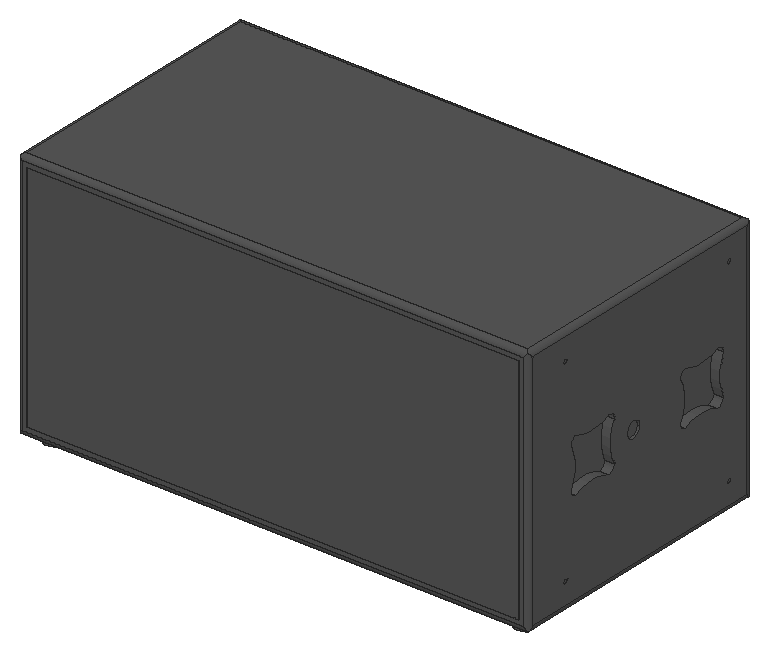
Revit family "Electronics_Community-Subwoofers_Biamp_V2_215S", category Communication Devices, host Face, Revit 2020
Family settings
  Host = Face
  Maintain Annotation Orientation = No
  Round Connector Dimension = Use Diameter
  Part Type = Normal
  OmniClass Number = 23.85.10.11.14.14.14
  Cut with Voids When Loaded = No
  Shared = No
  Room Calculation Point = No
Parameters (values of type "V2-215S B")
  Width = 3' - 1 51/128"  # constant formula
  Weight = 94.00 lbf  # constant formula
  URL = "https://www.biamp.com/"
  Sensitivity (1W/1m) = "97 dB  (50 Hz to  200 Hz) half space"  # constant formula
  Recommended Signal Processing = "35 Hz, 24 dB/octave high pass filter"  # constant formula
  Product data url = "https://www.bimobject.com/biamp/product/v2-215s_community-subwoofer"
  Product Page URL = "https://www.biamp.com/products/product-families/community/community-subwoofers#v2-215s"
  Product Documentation Link = "https://downloads.biamp.com/assets/docs/default-source/data-sheets/biamp_data_sheet_community_v2-215s.pdf"
  Optional Accessories = "M10EYBLTKIT 10mm eyebolt kit; STKIT seat track kit"  # constant formula
  Operating Range = "37 Hz to 2000 Hz (-10 dB)"  # constant formula
  Nominal –6dB Beamwidth = "360° H x 180° V"  # constant formula
  Nominal Impedance = "4 ohms"  # constant formula
  Mounting/Rigging Provisions = "8 x M10 threaded rigging fittings"  # constant formula
  Model = "V2-215S B"
  Minimum Impedance = "3.3 ohms @ 130 Hz"  # constant formula
  Maximum Output = "123 dB SPL / 129 dB SPL (peak)"  # constant formula
  Manufacturer = "Biamp"  # constant formula
  Loudspeaker Type = "Dual driver subwoofer, rectangular, vented bass"  # constant formula
  Input Connection = "NL4-compatible locking connector with terminal strip in parallel"  # constant formula
  Housing Material = Biamp - Plastic - Black
  Height = 1' - 6 51/128"  # constant formula
  Grill Material = Biamp - Plastic - Black(Grid)
  Frequency Response = "50 Hz to 1000 Hz (-3 dB)"  # constant formula
  Enclosure = "18mm, 11-ply cross-laminated birch"  # constant formula
  Drivers = "LF 2 x 15-inch"  # constant formula
  Driver Protection = "DYNA-TECH protection circuitry"  # constant formula
  Description = "V2-215S Dual 15-Inch Subwoofer System"  # constant formula
  Depth = 1' - 8 51/128"  # constant formula
  Default Elevation = 4' - 0"
  Connector Description = "NL4, Terminal strip; 400W continuous, 1000W program 40 volts RMS, 80 volts momentary peak"  # constant formula
Types (2): name | Model | Housing Material | Grill Material
  V2-215S B | "V2-215S B" | Biamp - Plastic - Black | Biamp - Plastic - Black(Grid)
  V2-215S W | "V2-215S W" | Biamp - Plastic - White | Biamp - Plastic - White(Grid)
Reference planes (in)
  plane 1 "Center (Front/Back)": y = 0
  plane 2: z = 0
  plane 3 "Center (Left/Right)": x = 0
  plane 4: y = 10.1875
  plane 5: x = -18.709
  plane 6: x = 18.709
  plane 7: y = -10.1875
  plane 8: z = 18.968
  plane 9: z = 0.551
  plane 10: x = 18.584
  plane 11: x = 18.459
  plane 12: x = 17.959
  plane 13: x = -18.584
  plane 14: x = -18.459
  plane 15: x = -17.959
Forms (in)
  Extrusion 1, solid, material "Biamp - Plastic - Black" <- "Housing Material", detail levels medium+fine
    sketch origin (0, 0, 0) x (1, 0, 0) y (0, 1, 0)
      loop
        arc (-18.334, 10.1875) -> (-18.59917, 10.07767) -> (-18.709, 9.8125) r 0.375
        line (-18.709, 9.8125) -> (-18.709, -9.8125)
        arc (-18.709, -9.8125) -> (-18.59917, -10.07767) -> (-18.334, -10.1875) r 0.375
        line (-18.334, -10.1875) -> (18.334, -10.1875)
        arc (18.334, -10.1875) -> (18.59917, -10.07767) -> (18.709, -9.8125) r 0.375
        line (18.709, -9.8125) -> (18.709, 9.8125)
        arc (18.709, 9.8125) -> (18.59917, 10.07767) -> (18.334, 10.1875) r 0.375
        line (18.334, 10.1875) -> (-18.334, 10.1875)
    from 0.551 to 18.968
  Extrusion 2, solid, material "Biamp - Plastic - Black" <- "Housing Material", detail levels medium+fine
    sketch origin (0, 0, 0) x (1, 0, 0) y (0, 1, 0)
      loop
        circle (-17.209, 8.6875) r 0.689
      loop
        circle (-17.209, -8.6875) r 0.689
      loop
        circle (17.209, -8.6875) r 0.689
      loop
        circle (17.209, 8.6875) r 0.689
    from 0 to 0.551
  Extrusion 3, void
    sketch origin (0, 0, 0) x (1, 0, 0) y (0, 0, 1)
      loop
        line (-18.709, 18.968) -> (-18.709, 18.593)
        arc (-18.709, 18.593) -> (-18.59917, 18.85817) -> (-18.334, 18.968) r 0.375
        line (-18.334, 18.968) -> (-18.709, 18.968)
      loop
        line (18.709, 18.968) -> (18.334, 18.968)
        arc (18.334, 18.968) -> (18.59917, 18.85817) -> (18.709, 18.593) r 0.375
        line (18.709, 18.593) -> (18.709, 18.968)
      loop
        line (-18.709, 0.551) -> (-18.334, 0.551)
        arc (-18.334, 0.551) -> (-18.59917, 0.66083) -> (-18.709, 0.926) r 0.375
        line (-18.709, 0.926) -> (-18.709, 0.551)
      loop
        line (18.709, 0.551) -> (18.709, 0.926)
        arc (18.709, 0.926) -> (18.59917, 0.66083) -> (18.334, 0.551) r 0.375
        line (18.334, 0.551) -> (18.709, 0.551)
    from -10.1875 to 10.1875
  Extrusion 4, void
    sketch origin (0, 0, 0) x (0, 1, 0) y (0, 0, 1)
      loop
        line (-10.1875, 18.968) -> (-10.1875, 18.593)
        arc (-10.1875, 18.593) -> (-10.07767, 18.85817) -> (-9.8125, 18.968) r 0.375
        line (-9.8125, 18.968) -> (-10.1875, 18.968)
      loop
        line (10.1875, 18.968) -> (9.8125, 18.968)
        arc (9.8125, 18.968) -> (10.07767, 18.85817) -> (10.1875, 18.593) r 0.375
        line (10.1875, 18.593) -> (10.1875, 18.968)
      loop
        line (-10.1875, 0.551) -> (-9.8125, 0.551)
        arc (-9.8125, 0.551) -> (-10.07767, 0.66083) -> (-10.1875, 0.926) r 0.375
        line (-10.1875, 0.926) -> (-10.1875, 0.551)
      loop
        line (10.1875, 0.551) -> (10.1875, 0.926)
        arc (10.1875, 0.926) -> (10.07767, 0.66083) -> (9.8125, 0.551) r 0.375
        line (9.8125, 0.551) -> (10.1875, 0.551)
    from -18.709 to 18.709
  Extrusion 5, void
    sketch origin (0, 0, 0) x (1, 0, 0) y (0, 0, 1)
      loop
        line (-18.00034, 18.25934) -> (-18.00034, 1.25966) -> (18.00034, 1.25966) -> (18.00034, 18.25934) -> (-18.00034, 18.25934)
    from 9.8125 to 10.1875
  Extrusion 6, solid, material "Biamp - Plastic - Black(Grid)" <- "Grill Material", detail levels medium+fine
    sketch origin (0, 0, 0) x (1, 0, 0) y (0, 1, 0)
      loop
        line (-18.00034, -9.8125) -> (-18.00034, -10.1875) -> (18.00034, -10.1875) -> (18.00034, -9.8125) -> (-18.00034, -9.8125)
    from 1.25966 to 18.25934
  Extrusion 7, void
    sketch origin (0, 0, 0) x (0, 1, 0) y (0, 0, 1)
      loop
        circle (-6.8125, 16.968) r 0.19685
      loop
        circle (8.1875, 16.968) r 0.19685
      loop
        circle (-6.8125, 2.551) r 0.19685
      loop
        circle (8.1875, 2.551) r 0.19685
    from 18.584 to 18.709
  Extrusion 8, void
    sketch origin (0, 0, 0) x (0, 1, 0) y (0, 0, 1)
      loop
        circle (-0.5625, 9.76) r 0.60352
    from 18.459 to 18.709
  Extrusion 9, void
    sketch origin (0, 0, 0) x (0, 1, 0) y (0, 0, 1)
      loop
        arc (3.688, 11.2595) -> (4.026, 9.7595) -> (3.688, 8.2595) r 3.4974
        arc (3.688, 8.2595) -> (3.83445, 7.90595) -> (4.188, 7.7595) r 0.5
        arc (4.188, 7.7595) -> (5.688, 8.0975) -> (7.188, 7.7595) r 3.4974
        arc (7.188, 7.7595) -> (7.54155, 7.90595) -> (7.688, 8.2595) r 0.5
        arc (7.688, 8.2595) -> (7.35, 9.7595) -> (7.688, 11.2595) r 3.4974
        arc (7.688, 11.2595) -> (7.54155, 11.61305) -> (7.188, 11.7595) r 0.5
        arc (7.188, 11.7595) -> (5.688, 11.4215) -> (4.188, 11.7595) r 3.4974
        arc (4.188, 11.7595) -> (3.83445, 11.61305) -> (3.688, 11.2595) r 0.5
      loop
        arc (-6.313, 11.2595) -> (-5.975, 9.7595) -> (-6.313, 8.2595) r 3.4974
        arc (-6.313, 8.2595) -> (-6.16655, 7.90595) -> (-5.813, 7.7595) r 0.5
        arc (-5.813, 7.7595) -> (-4.313, 8.0975) -> (-2.813, 7.7595) r 3.4974
        arc (-2.813, 7.7595) -> (-2.45945, 7.90595) -> (-2.313, 8.2595) r 0.5
        arc (-2.313, 8.2595) -> (-2.651, 9.7595) -> (-2.313, 11.2595) r 3.4974
        arc (-2.313, 11.2595) -> (-2.45945, 11.61305) -> (-2.813, 11.7595) r 0.5
        arc (-2.813, 11.7595) -> (-4.313, 11.4215) -> (-5.813, 11.7595) r 3.4974
        arc (-5.813, 11.7595) -> (-6.16655, 11.61305) -> (-6.313, 11.2595) r 0.5
    from 17.959 to 18.709
  Extrusion 10, void
    sketch origin (0, 0, 0) x (0, 1, 0) y (0, 0, -1)
      loop
        circle (-6.8125, -16.968) r 0.19685
      loop
        circle (8.1875, -16.968) r 0.19685
      loop
        circle (-6.8125, -2.551) r 0.19685
      loop
        circle (8.1875, -2.551) r 0.19685
    from 18.584 to 18.709
  Extrusion 11, void
    sketch origin (0, 0, 0) x (0, 1, 0) y (0, 0, -1)
      loop
        circle (-0.5625, -9.76) r 0.60352
    from 18.459 to 18.709
  Extrusion 12, void
    sketch origin (0, 0, 0) x (0, 1, 0) y (0, 0, -1)
      loop
        arc (3.688, -11.2595) -> (3.83445, -11.61305) -> (4.188, -11.7595) r 0.5
        arc (4.188, -11.7595) -> (5.688, -11.4215) -> (7.188, -11.7595) r 3.4974
        arc (7.188, -11.7595) -> (7.54155, -11.61305) -> (7.688, -11.2595) r 0.5
        arc (7.688, -11.2595) -> (7.35, -9.7595) -> (7.688, -8.2595) r 3.4974
        arc (7.688, -8.2595) -> (7.54155, -7.90595) -> (7.188, -7.7595) r 0.5
        arc (7.188, -7.7595) -> (5.688, -8.0975) -> (4.188, -7.7595) r 3.4974
        arc (4.188, -7.7595) -> (3.83445, -7.90595) -> (3.688, -8.2595) r 0.5
        arc (3.688, -8.2595) -> (4.026, -9.7595) -> (3.688, -11.2595) r 3.4974
      loop
        arc (-6.313, -11.2595) -> (-6.16655, -11.61305) -> (-5.813, -11.7595) r 0.5
        arc (-5.813, -11.7595) -> (-4.313, -11.4215) -> (-2.813, -11.7595) r 3.4974
        arc (-2.813, -11.7595) -> (-2.45945, -11.61305) -> (-2.313, -11.2595) r 0.5
        arc (-2.313, -11.2595) -> (-2.651, -9.7595) -> (-2.313, -8.2595) r 3.4974
        arc (-2.313, -8.2595) -> (-2.45945, -7.90595) -> (-2.813, -7.7595) r 0.5
        arc (-2.813, -7.7595) -> (-4.313, -8.0975) -> (-5.813, -7.7595) r 3.4974
        arc (-5.813, -7.7595) -> (-6.16655, -7.90595) -> (-6.313, -8.2595) r 0.5
        arc (-6.313, -8.2595) -> (-5.975, -9.7595) -> (-6.313, -11.2595) r 3.4974
    from 17.959 to 18.709
  Extrusion 13, solid, material "Biamp - Plastic - Black" <- "Housing Material", detail levels coarse
    sketch origin (0, 0, 0) x (1, 0, 0) y (0, 1, 0)
      loop
        arc (-18.334, 10.1875) -> (-18.59917, 10.07767) -> (-18.709, 9.8125) r 0.375
        line (-18.709, 9.8125) -> (-18.709, -9.8125)
        arc (-18.709, -9.8125) -> (-18.59917, -10.07767) -> (-18.334, -10.1875) r 0.375
        line (-18.334, -10.1875) -> (18.334, -10.1875)
        arc (18.334, -10.1875) -> (18.59917, -10.07767) -> (18.709, -9.8125) r 0.375
        line (18.709, -9.8125) -> (18.709, 9.8125)
        arc (18.709, 9.8125) -> (18.59917, 10.07767) -> (18.334, 10.1875) r 0.375
        line (18.334, 10.1875) -> (-18.334, 10.1875)
    from 0 to 18.968
  Extrusion 14, void
    sketch origin (-1.55453, -1.04107, -2.74543) x (-1, 0, 0) y (0, 0, 1)
      loop
        line (-6.80292, 15.80428) -> (-6.80292, 10.20428) -> (-2.30292, 10.20428) -> (-2.30292, 15.80428) -> (-6.80292, 15.80428)
    from 11.08886 to 11.22857
  Extrusion 15, solid, material "Biamp - Plastic - Black" <- "Housing Material", detail levels medium+fine
    sketch origin (-1.5126, -1.04107, -3.45409) x (1, 0, 0) y (0, 0, 1)
      loop
        line (3.94281, 15.36609) -> (3.94281, 14.05412) -> (6.1116, 14.05412) -> (6.1116, 15.36609) -> (3.94281, 15.36609)
    from -11.08886 to -10.94488
  Extrusion 16, solid, material "Biamp - Plastic - Black" <- "Housing Material", detail levels medium+fine
    sketch origin (-1.53717, -1.04107, -2.48147) x (1, 0, 0) y (0, 0, 1)
      loop
        line (3.30384, 14.74345) -> (3.30384, 13.0815) -> (3.96738, 13.0815) -> (3.96738, 14.74345) -> (3.30384, 14.74345)
    from -11.08886 to -10.94488
  Extrusion 17, solid, material "Biamp - Plastic - Black" <- "Housing Material", detail levels medium+fine
    sketch origin (-0.52809, 3.50606, 2.54985) x (1, 0, 0) y (0, 0, 1)
      loop
        arc (3.74803, 8.33355) -> (4.39876, 8.42519) -> (4.32181, 9.07782) r 0.47
        arc (4.32181, 9.07782) -> (3.6543, 8.99912) -> (3.74803, 8.33355) r 0.47
    from -6.54173 to -6.61159
  Extrusion 18, solid, material "Biamp - Plastic - Black" <- "Housing Material", detail levels medium+fine
    sketch origin (-0.52809, 3.53928, 2.54985) x (1, 0, 0) y (0, 0, 1)
      loop
        line (3.96504, 8.37395) -> (3.95385, 8.31246)
        arc (3.95385, 8.31246) -> (4.02653, 8.3059) -> (4.09921, 8.31246) r 0.40625
        line (4.09921, 8.31246) -> (4.08803, 8.37395)
        arc (4.08803, 8.37395) -> (4.369, 8.68253) -> (4.14519, 9.03478) r 0.34375
        line (4.14519, 9.03478) -> (4.16677, 9.09343)
        arc (4.16677, 9.09343) -> (4.02653, 9.1184) -> (3.8863, 9.09343) r 0.40625
        line (3.8863, 9.09343) -> (3.90787, 9.03478)
        arc (3.90787, 9.03478) -> (3.68406, 8.68253) -> (3.96504, 8.37395) r 0.34375
    from -6.64822 to -6.57837
  Extrusion 19, solid, material "Biamp - Plastic - Black" <- "Housing Material", detail levels medium+fine
    sketch origin (-0.52809, 3.53928, 2.54985) x (1, 0, 0) y (0, 0, 1)
      loop
        circle (2.62653, 9.4576) r 0.125
      loop
        circle (2.62653, 9.0706) r 0.0785
      loop
        circle (2.62653, 8.6956) r 0.0785
      loop
        circle (2.62653, 8.3086) r 0.125
    from -6.64822 to -6.50851
Cuts and joins
  Extrusion 3, Extrusion 4, Extrusion 5, Extrusion 7, Extrusion 8, Extrusion 9, Extrusion 10, Extrusion 11, Extrusion 12, Extrusion 14 cuts Extrusion 1
  joined: Extrusion 1, Extrusion 15, Extrusion 16
Lines and regions (in)
  Masking region 1
    outline origin (0, 0, 0) x (1, 0, 0) y (0, 1, 0)
      loop
        line (18.334, 10.1875) -> (-18.334, 10.1875)
        arc (-18.334, 10.1875) -> (-18.59917, 10.07767) -> (-18.709, 9.8125) r 0.375
        line (-18.709, 9.8125) -> (-18.709, -9.8125)
        arc (-18.709, -9.8125) -> (-18.59917, -10.07767) -> (-18.334, -10.1875) r 0.375
        line (-18.334, -10.1875) -> (18.334, -10.1875)
        arc (18.334, -10.1875) -> (18.59917, -10.07767) -> (18.709, -9.8125) r 0.375
        line (18.709, -9.8125) -> (18.709, 9.8125)
        arc (18.709, 9.8125) -> (18.59917, 10.07767) -> (18.334, 10.1875) r 0.375
  Masking region 2
    outline origin (0, 0, 0) x (1, 0, 0) y (0, 0, 1)
      loop
        line (-18.709, 18.593) -> (-18.709, 0.926)
        arc (-18.709, 0.926) -> (-18.59917, 0.66083) -> (-18.334, 0.551) r 0.375
        line (-18.334, 0.551) -> (-17.898, 0.551) -> (-17.898, 0) -> (-16.52, 0) -> (-16.52, 0.551) -> (16.52, 0.551) -> (16.52, 0) -> (17.898, 0) -> (17.898, 0.551) -> (18.334, 0.551)
        arc (18.334, 0.551) -> (18.59917, 0.66083) -> (18.709, 0.926) r 0.375
        line (18.709, 0.926) -> (18.709, 18.593)
        arc (18.709, 18.593) -> (18.59917, 18.85817) -> (18.334, 18.968) r 0.375
        line (18.334, 18.968) -> (-18.334, 18.968)
        arc (-18.334, 18.968) -> (-18.59917, 18.85817) -> (-18.709, 18.593) r 0.375
  Masking region 3
    outline origin (0, 0, 0) x (0, 1, 0) y (0, 0, 1)
      loop
        line (-10.1875, 18.593) -> (-10.1875, 0.926)
        arc (-10.1875, 0.926) -> (-10.07767, 0.66083) -> (-9.8125, 0.551) r 0.375
        line (-9.8125, 0.551) -> (-9.3765, 0.551) -> (-9.3765, 0) -> (-7.9985, 0) -> (-7.9985, 0.551) -> (7.9985, 0.551) -> (7.9985, 0) -> (9.3765, 0) -> (9.3765, 0.551) -> (9.8125, 0.551)
        arc (9.8125, 0.551) -> (10.07767, 0.66083) -> (10.1875, 0.926) r 0.375
        line (10.1875, 0.926) -> (10.1875, 18.593)
        arc (10.1875, 18.593) -> (10.07767, 18.85817) -> (9.8125, 18.968) r 0.375
        line (9.8125, 18.968) -> (-9.8125, 18.968)
        arc (-9.8125, 18.968) -> (-10.07767, 18.85817) -> (-10.1875, 18.593) r 0.375
  symbolic lines
    curve 1: line (18.334, 10.1875, 0) -> (-18.334, 10.1875, 0)
    curve 2: arc (-18.334, 10.1875, 0) -> (-18.59917, 10.07767, 0) -> (-18.709, 9.8125, 0) r 0.375
    curve 3: line (-18.709, 9.8125, 0) -> (-18.709, -9.8125, 0)
    curve 4: arc (-18.709, -9.8125, 0) -> (-18.59917, -10.07767, 0) -> (-18.334, -10.1875, 0) r 0.375
    curve 5: line (-18.334, -10.1875, 0) -> (18.334, -10.1875, 0)
    curve 6: arc (18.334, -10.1875, 0) -> (18.59917, -10.07767, 0) -> (18.709, -9.8125, 0) r 0.375
    curve 7: line (18.709, -9.8125, 0) -> (18.709, 9.8125, 0)
    curve 8: arc (18.709, 9.8125, 0) -> (18.59917, 10.07767, 0) -> (18.334, 10.1875, 0) r 0.375
    curve 9: line (18.00034, 0, 18.25934) -> (-18.00034, 0, 18.25934)
    curve 10: line (-18.00034, 0, 18.25934) -> (-18.00034, 0, 1.25966)
    curve 11: line (-18.00034, 0, 1.25966) -> (18.00034, 0, 1.25966)
    curve 12: line (18.00034, 0, 1.25966) -> (18.00034, 0, 18.25934)
    curve 13: line (18.334, 0, 18.968) -> (-18.334, 0, 18.968)
    curve 14: arc (-18.334, 0, 18.968) -> (-18.59917, 0, 18.85817) -> (-18.709, 0, 18.593) r 0.375
    curve 15: line (-18.709, 0, 18.593) -> (-18.709, 0, 0.926)
    curve 16: arc (-18.709, 0, 0.926) -> (-18.59917, 0, 0.66083) -> (-18.334, 0, 0.551) r 0.375
    curve 17: line (-18.334, 0, 0.551) -> (-17.898, 0, 0.551)
    curve 18: line (-17.898, 0, 0.551) -> (-17.898, 0, 0)
    curve 19: line (-17.898, 0, 0) -> (-16.52, 0, 0)
    curve 20: line (-16.52, 0, 0) -> (-16.52, 0, 0.551)
    curve 21: line (-16.52, 0, 0.551) -> (16.52, 0, 0.551)
    curve 22: line (16.52, 0, 0.551) -> (16.52, 0, 0)
    curve 23: line (16.52, 0, 0) -> (17.898, 0, 0)
    curve 24: line (17.898, 0, 0) -> (17.898, 0, 0.551)
    curve 25: line (17.898, 0, 0.551) -> (18.334, 0, 0.551)
    curve 26: arc (18.334, 0, 0.551) -> (18.59917, 0, 0.66083) -> (18.709, 0, 0.926) r 0.375
    curve 27: line (18.709, 0, 0.926) -> (18.709, 0, 18.593)
    curve 28: arc (18.709, 0, 18.593) -> (18.59917, 0, 18.85817) -> (18.334, 0, 18.968) r 0.375
    curve 29: line (-17.898, 0, 0.551) -> (-16.52, 0, 0.551)
    curve 30: line (16.52, 0, 0.551) -> (17.898, 0, 0.551)
    curve 31: line (0, 9.8125, 18.968) -> (0, -9.8125, 18.968)
    curve 32: arc (0, -9.8125, 18.968) -> (0, -10.07767, 18.85817) -> (0, -10.1875, 18.593) r 0.375
    curve 33: line (0, -10.1875, 18.593) -> (0, -10.1875, 0.926)
    curve 34: arc (0, -10.1875, 0.926) -> (0, -10.07767, 0.66083) -> (0, -9.8125, 0.551) r 0.375
    curve 35: line (0, -9.8125, 0.551) -> (0, -9.3765, 0.551)
    curve 36: line (0, -9.3765, 0.551) -> (0, -9.3765, 0)
    curve 37: line (0, -9.3765, 0) -> (0, -7.9985, 0)
    curve 38: line (0, -7.9985, 0) -> (0, -7.9985, 0.551)
    curve 39: line (0, -7.9985, 0.551) -> (0, 7.9985, 0.551)
    curve 40: line (0, 7.9985, 0.551) -> (0, 7.9985, 0)
    curve 41: line (0, 7.9985, 0) -> (0, 9.3765, 0)
    curve 42: line (0, 9.3765, 0) -> (0, 9.3765, 0.551)
    curve 43: line (0, 9.3765, 0.551) -> (0, 9.8125, 0.551)
    curve 44: arc (0, 9.8125, 0.551) -> (0, 10.07767, 0.66083) -> (0, 10.1875, 0.926) r 0.375
    curve 45: line (0, 10.1875, 0.926) -> (0, 10.1875, 18.593)
    curve 46: arc (0, 10.1875, 18.593) -> (0, 10.07767, 18.85817) -> (0, 9.8125, 18.968) r 0.375
    curve 47: arc (0, -2.813, 7.7595) -> (0, -4.313, 8.0975) -> (0, -5.813, 7.7595) r 3.4974
    curve 48: arc (0, -5.813, 7.7595) -> (0, -6.16655, 7.90595) -> (0, -6.313, 8.2595) r 0.5
    curve 49: arc (0, -6.313, 8.2595) -> (0, -5.975, 9.7595) -> (0, -6.313, 11.2595) r 3.4974
    curve 50: arc (0, -6.313, 11.2595) -> (0, -6.16655, 11.61305) -> (0, -5.813, 11.7595) r 0.5
    curve 51: arc (0, -5.813, 11.7595) -> (0, -4.313, 11.4215) -> (0, -2.813, 11.7595) r 3.4974
    curve 52: arc (0, -2.813, 11.7595) -> (0, -2.45945, 11.61305) -> (0, -2.313, 11.2595) r 0.5
    curve 53: arc (0, -2.313, 11.2595) -> (0, -2.651, 9.7595) -> (0, -2.313, 8.2595) r 3.4974
    curve 54: arc (0, -2.313, 8.2595) -> (0, -2.45945, 7.90595) -> (0, -2.813, 7.7595) r 0.5
    curve 55: arc (0, 0.04102, 9.76) -> (0, -0.5625, 9.15648) -> (0, -1.16602, 9.76) r 0.60352
    curve 56: arc (0, -1.16602, 9.76) -> (0, -0.5625, 10.36352) -> (0, 0.04102, 9.76) r 0.60352
    curve 57: arc (0, 3.688, 8.2595) -> (0, 4.026, 9.7595) -> (0, 3.688, 11.2595) r 3.4974
    curve 58: arc (0, 3.688, 11.2595) -> (0, 3.83445, 11.61305) -> (0, 4.188, 11.7595) r 0.5
    curve 59: arc (0, 4.188, 11.7595) -> (0, 5.688, 11.4215) -> (0, 7.188, 11.7595) r 3.4974
    curve 60: arc (0, 7.188, 11.7595) -> (0, 7.54155, 11.61305) -> (0, 7.688, 11.2595) r 0.5
    curve 61: arc (0, 7.688, 11.2595) -> (0, 7.35, 9.7595) -> (0, 7.688, 8.2595) r 3.4974
    curve 62: arc (0, 7.688, 8.2595) -> (0, 7.54155, 7.90595) -> (0, 7.188, 7.7595) r 0.5
    curve 63: arc (0, 7.188, 7.7595) -> (0, 5.688, 8.0975) -> (0, 4.188, 7.7595) r 3.4974
    curve 64: arc (0, 4.188, 7.7595) -> (0, 3.83445, 7.90595) -> (0, 3.688, 8.2595) r 0.5
    curve 65: arc (0, 8.38435, 2.551) -> (0, 8.1875, 2.35415) -> (0, 7.99065, 2.551) r 0.19685
    curve 66: arc (0, 7.99065, 2.551) -> (0, 8.1875, 2.74785) -> (0, 8.38435, 2.551) r 0.19685
    curve 67: arc (0, 8.38435, 16.968) -> (0, 8.1875, 16.77115) -> (0, 7.99065, 16.968) r 0.19685
    curve 68: arc (0, 7.99065, 16.968) -> (0, 8.1875, 17.16485) -> (0, 8.38435, 16.968) r 0.19685
    curve 69: arc (0, -6.61565, 16.968) -> (0, -6.8125, 16.77115) -> (0, -7.00935, 16.968) r 0.19685
    curve 70: arc (0, -7.00935, 16.968) -> (0, -6.8125, 17.16485) -> (0, -6.61565, 16.968) r 0.19685
    curve 71: arc (0, -6.61565, 2.551) -> (0, -6.8125, 2.35415) -> (0, -7.00935, 2.551) r 0.19685
    curve 72: arc (0, -7.00935, 2.551) -> (0, -6.8125, 2.74785) -> (0, -6.61565, 2.551) r 0.19685
    curve 73: line (0, -9.3765, 0.551) -> (0, -7.9985, 0.551)
    curve 74: line (0, 7.9985, 0.551) -> (0, 9.3765, 0.551)
Dimensions and locks (in)
  plane 5 to plane 6 = 3' - 1.418"
  equal spacing: plane 5, plane 3 "Center (Left/Right)", plane 6
  equal spacing: plane 7, plane 1 "Center (Front/Back)", plane 4
  plane 7 to plane 4 = 1' - 8 3/8"
  aligned and locked: plane 2 to host face
  aligned and locked: level to host face
  aligned and locked: Extrusion 2 to plane 2
  aligned and locked: plane 9 to Extrusion 2
  aligned and locked: Extrusion 1 to plane 8
  aligned and locked: Extrusion 1 to plane 9
  aligned and locked: Extrusion 5 to Extrusion 4
  aligned and locked: Extrusion 13 to plane 8
  aligned and locked: Extrusion 13 to plane 2
Automatic sketch dimensions
  curve 3 to plane 5 = 0' - 0"
  curve 5 to plane 7 = 0' - 0"
  plane 4 to curve 1 = 0' - 0"
  curve 6 to plane 6 = 0' - 0"
  plane 14 to curve 5 = 0' - 0 1/8"
  plane 14 to curve 1 = 0' - 0 1/8"
  plane 11 to curve 1 = 0' - 0 1/8"
  plane 11 to curve 5 = 0' - 0 1/8"
  curve 55 to curve 56 = 0' - 0"  (x2)
  curve 65 to curve 66 = 0' - 0"  (x2)
  curve 67 to curve 68 = 0' - 0"  (x2)
  curve 69 to curve 70 = 0' - 0"  (x2)
  curve 71 to curve 72 = 0' - 0"  (x2)
  curve 33 to plane 7 = 0' - 0"
  curve 35 to plane 9 = 0' - 0"
  plane 8 to curve 31 = 0' - 0"
  curve 36 to level = 0' - 0"
  curve 41 to level = 0' - 0"
  curve 45 to plane 4 = 0' - 0"
  plane 7 to curve 35 = 0' - 0 3/8"
  plane 7 to curve 31 = 0' - 0 3/8"
  plane 7 to curve 49 = 0' - 0.7151"
  curve 34 to curve 35 = 0' - 0.436"
  curve 36 to curve 38 = 0' - 1.378"
  curve 38 to curve 71 = 0' - 1.186"
  plane 7 to curve 69 = 0' - 3 3/8"
  curve 49 to curve 48 = 0' - 3.6594"
  curve 50 to curve 48 = 0' - 0"
  curve 71 to curve 47 = 0' - 2.4995"
  curve 69 to curve 51 = 0' - 2.4995"
  plane 1 "Center (Front/Back)" to curve 54 = 0' - 2.813"
  plane 1 "Center (Front/Back)" to curve 52 = 0' - 2.813"
  plane 1 "Center (Front/Back)" to curve 55 = 0' - 0 9/16"
  curve 57 to plane 1 "Center (Front/Back)" = 0' - 0.5286"
  curve 57 to curve 53 = 0' - 0.3178"
  curve 53 to curve 64 = 0' - 3.3416"
  curve 58 to curve 64 = 0' - 0"
  curve 59 to curve 59 = 0' - 1 1/2"
  curve 63 to curve 63 = 0' - 1 1/2"
  plane 4 to curve 60 = 0' - 2.9995"
  plane 4 to curve 62 = 0' - 2.9995"
  plane 4 to curve 41 = 0' - 2.189"
  plane 4 to curve 68 = 0' - 2"
  plane 4 to curve 66 = 0' - 2"
  plane 4 to curve 43 = 0' - 0.811"
  plane 4 to curve 31 = 0' - 0 3/8"
  curve 44 to curve 44 = 0' - 0 3/8"
  curve 61 to plane 4 = 0' - 0.6599"
  plane 9 to curve 72 = 0' - 2"
  plane 9 to curve 66 = 0' - 2"
  curve 71 to curve 47 = 0' - 2.0491"
  curve 66 to curve 63 = 0' - 2.0491"
  curve 47 to curve 48 = 0' - 3.6594"
  curve 63 to curve 64 = 0' - 3.6594"
  curve 48 to curve 54 = 0' - 0"
  curve 64 to curve 62 = 0' - 0"
  curve 64 to curve 53 = 0' - 1 1/2"
  curve 48 to curve 49 = 0' - 1 1/2"
  curve 57 to curve 53 = 0' - 0"
  curve 62 to curve 61 = 0' - 1 1/2"
  curve 57 to curve 55 = 0' - 0.0005"
  curve 62 to curve 60 = 0' - 3"
  curve 48 to curve 50 = 0' - 3"
  curve 60 to curve 59 = 0' - 3.6594"
  curve 52 to curve 51 = 0' - 3.6594"
  plane 8 to curve 67 = 0' - 2"
  plane 8 to curve 69 = 0' - 2"
  curve 72 to curve 71 = 0' - 0.19685"
  curve 69 to curve 69 = 0' - 0.19685"
  curve 49 to curve 48 = 0' - 0 1/2"
  curve 56 to curve 55 = 0' - 0.60352"
  curve 58 to curve 58 = 0' - 0 1/2"
  curve 68 to curve 67 = 0' - 0.19685"
  curve 66 to curve 65 = 0' - 0.19685"
  curve 15 to plane 5 = 0' - 0"
  curve 16 to plane 9 = 0' - 0"
  curve 14 to plane 8 = 0' - 0"
  curve 19 to level = 0' - 0"
  curve 22 to level = 0' - 0"
  plane 6 to curve 27 = 0' - 0"
  plane 14 to curve 17 = 0' - 0 1/8"
  plane 14 to curve 14 = 0' - 0 1/8"
  curve 10 to plane 15 = 0' - 0.04134"
  plane 15 to curve 17 = 0' - 0.061"
  curve 17 to curve 21 = 0' - 1.378"
  plane 12 to curve 22 = 0' - 1.439"
  plane 12 to curve 25 = 0' - 0.061"
  curve 12 to plane 12 = 0' - 0.04134"
  plane 11 to curve 26 = 0' - 0 1/8"
  plane 11 to curve 28 = 0' - 0 1/8"
  curve 16 to curve 10 = 0' - 0.33366"
  curve 12 to curve 28 = 0' - 0.33366"
  host sketch curve to host sketch curve = 8' - 0"  (x2)
  Extrusion 1 sketch curve to plane 5 = 0' - 0"
  plane 4 to Extrusion 1 sketch curve = 0' - 0"
  Extrusion 1 sketch curve to plane 7 = 0' - 0"
  Extrusion 1 sketch curve to plane 6 = 0' - 0"
  plane 14 to Extrusion 1 sketch curve = 0' - 0 1/8"  (x2)
  plane 11 to Extrusion 1 sketch curve = 0' - 0 1/8"  (x2)
  Extrusion 3 sketch curve to plane 5 = 0' - 0"  (x2)
  Extrusion 3 sketch curve to plane 8 = 0' - 0"  (x2)
  Extrusion 3 sketch curve to plane 9 = 0' - 0"  (x2)
  plane 6 to Extrusion 3 sketch curve = 0' - 0"  (x2)
  plane 14 to Extrusion 3 sketch curve = 0' - 0 1/8"  (x2)
  plane 11 to Extrusion 3 sketch curve = 0' - 0 1/8"  (x2)
  Extrusion 4 sketch curve to plane 7 = 0' - 0"  (x2)
  plane 8 to Extrusion 4 sketch curve = 0' - 0"  (x2)
  Extrusion 4 sketch curve to plane 9 = 0' - 0"  (x2)
  Extrusion 4 sketch curve to plane 4 = 0' - 0"  (x2)
  plane 7 to Extrusion 4 sketch curve = 0' - 0 3/8"  (x2)
  Extrusion 4 sketch curve to Extrusion 4 sketch curve = 0' - 0 3/8"  (x2)
  Extrusion 4 sketch curve to Extrusion 4 sketch curve = 0' - 0"  (x4)
  Extrusion 5 sketch curve to plane 15 = 0' - 0.04134"
  Extrusion 5 sketch curve to plane 12 = 0' - 0.04134"
  plane 9 to Extrusion 5 sketch curve = 0' - 0.70866"
  plane 8 to Extrusion 5 sketch curve = 0' - 0.70866"
  plane 7 to Extrusion 7 sketch curve = 0' - 3 3/8"  (x2)
  plane 4 to Extrusion 7 sketch curve = 0' - 2"  (x2)
  plane 9 to Extrusion 7 sketch curve = 0' - 2"  (x2)
  plane 8 to Extrusion 7 sketch curve = 0' - 2"  (x2)
  plane 1 "Center (Front/Back)" to Extrusion 8 sketch curve = 0' - 0 9/16"
  plane 8 to Extrusion 8 sketch curve = 0' - 9.208"
  plane 7 to Extrusion 9 sketch curve = 0' - 0.7151"
  Extrusion 9 sketch curve to Extrusion 9 sketch curve = 0' - 3.6594"  (x5)
  Extrusion 9 sketch curve to Extrusion 9 sketch curve = 0' - 0"  (x5)
  Extrusion 9 sketch curve to Extrusion 9 sketch curve = 0' - 1 1/2"  (x7)
  plane 1 "Center (Front/Back)" to Extrusion 9 sketch curve = 0' - 2.813"  (x2)
  Extrusion 9 sketch curve to plane 1 "Center (Front/Back)" = 0' - 0.5286"
  Extrusion 9 sketch curve to Extrusion 9 sketch curve = 0' - 0.3178"
  Extrusion 9 sketch curve to Extrusion 9 sketch curve = 0' - 3.3416"
  plane 4 to Extrusion 9 sketch curve = 0' - 2.9995"  (x2)
  Extrusion 9 sketch curve to plane 4 = 0' - 0.6599"
  plane 9 to Extrusion 9 sketch curve = 0' - 4.0491"  (x2)
  Extrusion 9 sketch curve to Extrusion 9 sketch curve = 0' - 3"  (x2)
  Extrusion 9 sketch curve to Extrusion 9 sketch curve = 0' - 0 1/2"  (x2)
  plane 7 to Extrusion 10 sketch curve = 0' - 3 3/8"  (x2)
  plane 4 to Extrusion 10 sketch curve = 0' - 2"  (x2)
  plane 8 to Extrusion 10 sketch curve = 0' - 2"  (x2)
  plane 9 to Extrusion 10 sketch curve = 0' - 2"  (x2)
  plane 1 "Center (Front/Back)" to Extrusion 11 sketch curve = 0' - 0 9/16"
  plane 8 to Extrusion 11 sketch curve = 0' - 9.208"
  plane 7 to Extrusion 12 sketch curve = 0' - 0.7151"
  Extrusion 12 sketch curve to Extrusion 12 sketch curve = 0' - 3.6594"  (x5)
  Extrusion 12 sketch curve to Extrusion 12 sketch curve = 0' - 0"  (x5)
  Extrusion 12 sketch curve to Extrusion 12 sketch curve = 0' - 1 1/2"  (x7)
  plane 1 "Center (Front/Back)" to Extrusion 12 sketch curve = 0' - 2.813"  (x2)
  Extrusion 12 sketch curve to plane 1 "Center (Front/Back)" = 0' - 0.5286"
  Extrusion 12 sketch curve to Extrusion 12 sketch curve = 0' - 0.3178"
  Extrusion 12 sketch curve to Extrusion 12 sketch curve = 0' - 3.3416"
  plane 4 to Extrusion 12 sketch curve = 0' - 2.9995"  (x2)
  Extrusion 12 sketch curve to plane 4 = 0' - 0.6599"
  plane 8 to Extrusion 12 sketch curve = 0' - 4.0491"  (x2)
  Extrusion 12 sketch curve to Extrusion 12 sketch curve = 0' - 3"  (x2)
  Extrusion 12 sketch curve to Extrusion 12 sketch curve = 0' - 0 1/2"  (x2)
  Extrusion 13 sketch curve to plane 5 = 0' - 0"
  Extrusion 13 sketch curve to plane 7 = 0' - 0"
  plane 4 to Extrusion 13 sketch curve = 0' - 0"
  Extrusion 13 sketch curve to plane 6 = 0' - 0"
  plane 14 to Extrusion 13 sketch curve = 0' - 0 1/8"  (x2)
  plane 11 to Extrusion 13 sketch curve = 0' - 0 1/8"  (x2)
  Masking region 1 sketch curve to plane 5 = 0' - 0"
  Masking region 1 sketch curve to plane 7 = 0' - 0"
  plane 4 to Masking region 1 sketch curve = 0' - 0"
  Masking region 1 sketch curve to plane 6 = 0' - 0"
  plane 14 to Masking region 1 sketch curve = 0' - 0 1/8"  (x2)
  plane 11 to Masking region 1 sketch curve = 0' - 0 1/8"  (x2)
  Masking region 2 sketch curve to plane 5 = 0' - 0"
  Masking region 2 sketch curve to plane 9 = 0' - 0"  (x3)
  Masking region 2 sketch curve to plane 8 = 0' - 0"
  Masking region 2 sketch curve to level = 0' - 0"  (x2)
  plane 6 to Masking region 2 sketch curve = 0' - 0"
  plane 14 to Masking region 2 sketch curve = 0' - 0 1/8"  (x2)
  plane 15 to Masking region 2 sketch curve = 0' - 0.061"
  Masking region 2 sketch curve to Masking region 2 sketch curve = 0' - 1.378"
  plane 12 to Masking region 2 sketch curve = 0' - 1.439"
  plane 12 to Masking region 2 sketch curve = 0' - 0.061"
  plane 11 to Masking region 2 sketch curve = 0' - 0 1/8"  (x2)
  Masking region 3 sketch curve to plane 7 = 0' - 0"
  plane 8 to Masking region 3 sketch curve = 0' - 0"
  Masking region 3 sketch curve to plane 9 = 0' - 0"  (x3)
  Masking region 3 sketch curve to level = 0' - 0"  (x2)
  Masking region 3 sketch curve to plane 4 = 0' - 0"
  plane 7 to Masking region 3 sketch curve = 0' - 0 3/8"  (x2)
  Masking region 3 sketch curve to Masking region 3 sketch curve = 0' - 0.436"
  Masking region 3 sketch curve to Masking region 3 sketch curve = 0' - 1.378"
  plane 4 to Masking region 3 sketch curve = 0' - 2.189"
  plane 4 to Masking region 3 sketch curve = 0' - 0.811"
  Masking region 3 sketch curve to Masking region 3 sketch curve = 0' - 0 3/8"  (x2)
  plane 3 "Center (Left/Right)" to Extrusion 14 sketch curve = 0' - 5.2484"
  plane 3 "Center (Left/Right)" to Extrusion 14 sketch curve = 0' - 0.7484"
  plane 9 to Extrusion 14 sketch curve = 0' - 6.90785"
  Extrusion 14 sketch curve to Extrusion 14 sketch curve = 0' - 5.6"
  plane 3 "Center (Left/Right)" to Extrusion 15 sketch curve = 0' - 2.43021"
  Extrusion 15 sketch curve to Extrusion 15 sketch curve = 0' - 2.16879"
  plane 8 to Extrusion 15 sketch curve = 0' - 8.36797"
  Extrusion 15 sketch curve to Extrusion 15 sketch curve = 0' - 1.31197"
  plane 3 "Center (Left/Right)" to Extrusion 16 sketch curve = 0' - 1.76667"
  Extrusion 16 sketch curve to Extrusion 16 sketch curve = 0' - 0.66355"
  plane 8 to Extrusion 16 sketch curve = 0' - 8.36797"
  Extrusion 16 sketch curve to Extrusion 16 sketch curve = 0' - 1.66195"
  Extrusion 17 sketch curve to Extrusion 17 sketch curve = 0' - 0"  (x2)
  plane 3 "Center (Left/Right)" to Extrusion 17 sketch curve = 0' - 3.49844"
  plane 8 to Extrusion 17 sketch curve = 0' - 7.706"
  Extrusion 17 sketch curve to Extrusion 17 sketch curve = 0' - 0.2785"
  Extrusion 17 sketch curve to Extrusion 17 sketch curve = 0' - 0.29528"
  Extrusion 17 sketch curve to Extrusion 17 sketch curve = 0' - 0.3786"
  Extrusion 18 sketch curve to Extrusion 18 sketch curve = 0' - 0"  (x6)
  plane 3 "Center (Left/Right)" to Extrusion 18 sketch curve = 0' - 3.35821"
  Extrusion 18 sketch curve to Extrusion 18 sketch curve = 0' - 0.02157"  (x2)
  Extrusion 18 sketch curve to Extrusion 18 sketch curve = 0' - 0.04598"
  Extrusion 18 sketch curve to Extrusion 18 sketch curve = 0' - 0.01118"  (x2)
  Extrusion 18 sketch curve to Extrusion 18 sketch curve = 0' - 0.0615"
  Extrusion 18 sketch curve to Extrusion 18 sketch curve = 0' - 0.12299"
  Extrusion 18 sketch curve to Extrusion 18 sketch curve = 0' - 0.23732"
  plane 8 to Extrusion 18 sketch curve = 0' - 8.1057"
  Extrusion 18 sketch curve to Extrusion 18 sketch curve = 0' - 0.06149"  (x2)
  Extrusion 18 sketch curve to Extrusion 18 sketch curve = 0' - 0.3382"
  Extrusion 18 sketch curve to Extrusion 18 sketch curve = 0' - 0.05866"
  Extrusion 19 sketch curve to Extrusion 19 sketch curve = 0' - 0"  (x3)
  plane 8 to Extrusion 19 sketch curve = 0' - 8.10955"
  Extrusion 19 sketch curve to Extrusion 19 sketch curve = 0' - 0.387"  (x2)
  Extrusion 19 sketch curve to Extrusion 19 sketch curve = 0' - 0 3/8"
  Extrusion 6 sketch curve to plane 7 = 0' - 0"
  Extrusion 6 sketch curve to plane 15 = 0' - 0.04134"
  Extrusion 6 sketch curve to plane 12 = 0' - 0.04134"
  plane 7 to Extrusion 6 sketch curve = 0' - 0 3/8"
  plane 3 "Center (Left/Right)" to Extrusion 19 sketch curve = 0' - 2.09844"
  radius of Extrusion 7 sketch curve = 0' - 0.19685"  (x4)
  radius of Extrusion 8 sketch curve = 0' - 0.60352"
  radius of Extrusion 10 sketch curve = 0' - 0.19685"  (x4)
  radius of Extrusion 11 sketch curve = 0' - 0.60352"
  radius of Extrusion 19 sketch curve = 0' - 0 1/8"  (x2)
  radius of Extrusion 19 sketch curve = 0' - 0.0785"  (x2)
Connectors (in)
  electrical at (2.09814, 10.1875, 11.43765), driven by "Connector Description"
    settings: on Extrusion 19, index 1, voltage 80 V, apparent load 0 VA, apparent load phase1 1000 VA, apparent load phase2 0 VA, apparent load phase3 0 VA, power factor 1, load classification "Other", number of poles 1, system type 5, power factor state 1, is connector primary yes, connector utility no, sub classification motor no, connector description "NL4, Terminal strip; 400W continuous, 1000W program 40 volts RMS, 80 volts momentary peak"
  electrical at (3.50006, 10.1875, 11.23688), driven by "Connector Description"
    settings: on Extrusion 18, index 2, voltage 0 V, apparent load 0 VA, apparent load phase1 0 VA, apparent load phase2 0 VA, apparent load phase3 0 VA, power factor 1, load classification "Other", number of poles 1, system type 5, power factor state 1, is connector primary no, connector utility no, sub classification motor no, connector description "NL4, Terminal strip; 400W continuous, 1000W program 40 volts RMS, 80 volts momentary peak"
